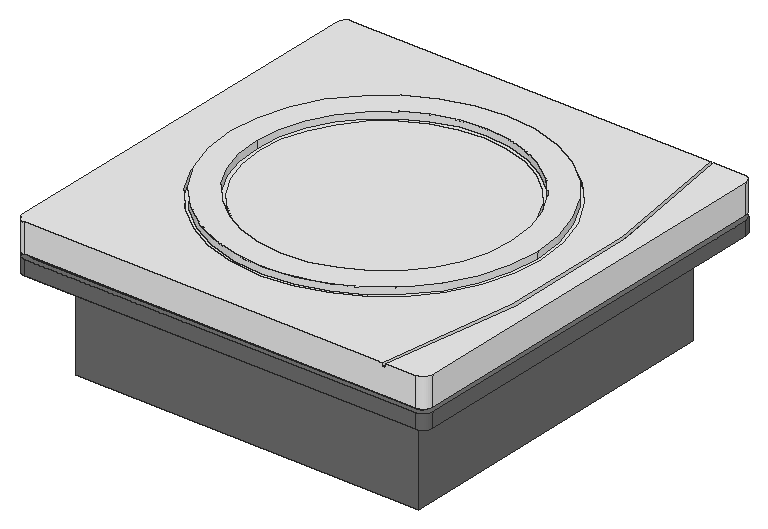
Revit family "1BasicPlus2_RFA", category Data Devices, host Face, Revit 2019
Family settings
  Host = Face
  Maintain Annotation Orientation = Yes
  Round Connector Dimension = Use Diameter
  Part Type = Normal
  Cut with Voids When Loaded = No
  Shared = No
  Room Calculation Point = No
Parameters (values of type "BasicPlus2_On-wall_WT-T_Toggle_088U0620")
  Power = if(In wall = 0.00 mm, 7 VA, 2 VA)  # 7 VA
  W_extrusion = 3.00 mm
  W_blend = 18.00 mm
  Operating Temperature Range = "Off, 5 °C to 30 °C"
  Operating Floor Temperature Range = "-"
  L_blend base = 86.00 mm
  Weight = 0.10 kg
  W4 = 6.00 mm
  RN = 2.00 mm
  Power Supply RT = "230 VAC"
  Operating Frequency = "50/60 Hz"  # constant formula
  Min Temperature Setting = "5 °C"  # constant formula
  Max Temperature Setting = "30 °C"
  Max Ambient Temperature = "60 °C"  # constant formula
  L_blend top = 72.00 mm
  ang2D_Vert [instance] = 0.00°
  ang2D_Hori [instance] = 0.00°
  ang2D [instance] = 0.00°
  LCD backlight = "-"
  L4 = 86.00 mm
  L3 = 83.80 mm
  In wall Bottom(200) = if(and(In wall = 1.00 mm, LOD 200), 1 = 1, 1 = 0)  # no
  In wall = 0.00 mm
  H1_In wall Bottom = 62.30 mm
  L2_In wall bottom = 25.00 mm  # constant formula
  Fault Indication = "-"
  Bottom_D_P(350) = if(and(In wall = 1.00 mm, Bottom 50x50 = 1.00 mm, LOD 350), 1 = 1, 1 = 0)  # no
  W2 = 24.50 mm  # constant formula
  W1 = 30.00 mm
  W3 = 6.00 mm
  W [instance] = 30.00 mm
  Voltage = 230 V  # constant formula
  URL = "https://store.danfoss.com/en/Climate-Solutions-for-heating/Hydronic-floor-heating/Room-controls/c/4212?q=%3Arelevance%3Adanfoss_producttypehierarchydesc%3ABasicPlus+%2F+BasicPlus2&page=0&pageSize=20"
  R2 = 4.00 mm
  R1 = 2.00 mm
  Power Consumption = "7 W"
  Model Type = "BasicPlus2_On-wall_WT-T_Toggle"
  Model = "088U0620,088U0621"
  Manufacturer = "Danfoss"  # constant formula
  LOD 350 = not(LOD 200)  # yes
  LOD 200 = no
  L1 = 43.00 mm
  L [instance] = 86.00 mm
  IfcExportType = "BasicPlus2"  # constant formula
  IfcExportAs = "IfcElectricApplianceType"  # constant formula
  IP Rating = "IP30"  # constant formula
  H1 = 43.00 mm
  H [instance] = 86.00 mm
  L1_In wall bottom = 46.20 mm
  Bottom 50x50 = 0.00 mm
  Description = "Main Controller and Room Thermostat"  # constant formula
  Default Elevation = 0.00 mm
  Communication Protocol = "-"
  Communication Interface = "-"
  Body Material = Danfoss Plastic White
  L_bottom plate = 72.00 mm
  Bottom_DR_PR(350) = if(and(In wall = 1.00 mm, Bottom 50x50 = 0.00 mm, LOD 350), 1 = 1, 1 = 0)  # no
Types (6, lengths in mm): name | Power | W_blend | Operating Temperature Range | Operating Floor Temperature Range | Weight | Power Supply RT | Max Temperature Setting | LCD backlight | In wall | H1_In wall Bottom | Fault Indication | Bottom_D_P(350) | W1 | W | Power Consumption | Model Type | Model | L1_In wall bottom | Bottom 50x50 | Communication Protocol | Communication Interface | Bottom_DR_PR(350)
  BasicPlus2_In-wall_WT-D_Display_088U0622 | 2 VA | 4.00 | "Off, 5 °C to 35 °C" | "Off, 20 °C to 45 °C" | 0.13 kg | "85-250 VAC" | "35 °C" | "Yes, white" | 1.00 | 50.00 | "Yes" | yes | 16.00 | 16.00 | "2 W" | "BasicPlus2_In-wall_WT-D_Display" | "088U0622,088U0623" | 50.00 | 1.00 | "-" | "-" | no
  BasicPlus2_In-wall_WT-DM_Display and RS485_088U0627 | 2 VA | 4.00 | "Off, 5 °C to 35 °C" | "Off, 20 °C to 45 °C" | 0.19 kg | "85-250 VAC" | "35 °C" | "Yes, white" | 1.00 | 50.00 | "Yes" | no | 16.00 | 16.00 | "2 W" | "BasicPlus2_In-wall_WT-DM_Display and RS485" | "088U0627" | 50.00 | 0.00 | "Modbus RTU" | "RS485" | yes
  BasicPlus2_In-wall_WT-DR_Display and Relay_088U0624 | 2 VA | 4.00 | "Off, 5 °C to 35 °C" | "Off, 20 °C to 45 °C" | 0.21 kg | "85-250 VAC" | "35 °C" | "Yes, white" | 1.00 | 62.30 | "Yes" | no | 16.00 | 16.00 | "2 W" | "BasicPlus2_In-wall_WT-DR_Display and Relay" | "088U0624" | 46.20 | 0.00 | "-" | "-" | yes
  BasicPlus2_In-wall_WT-P_Programmable_088U0625 | 2 VA | 4.00 | "Off, 5 °C to 35 °C" | "Off, 20 °C to 45 °C" | 0.13 kg | "85-250 VAC" | "35 °C" | "Yes, white" | 1.00 | 50.00 | "Yes" | yes | 16.00 | 16.00 | "2 W" | "BasicPlus2_In-wall_WT-P_Programmable" | "088U0625" | 50.00 | 1.00 | "-" | "-" | no
  BasicPlus2_In-wall_WT-PR_Programmable and Relay_088U0626 | 2 VA | 4.00 | "Off, 5 °C to 35 °C" | "Off, 20 °C to 45 °C" | 0.21 kg | "85-250 VAC" | "35 °C" | "Yes, white" | 1.00 | 62.30 | "Yes" | no | 16.00 | 16.00 | "2 W" | "BasicPlus2_In-wall_WT-PR_Programmable and Relay" | "088U0626" | 46.20 | 0.00 | "-" | "-" | yes
  BasicPlus2_On-wall_WT-T_Toggle_088U0620 | 7 VA | 18.00 | "Off, 5 °C to 30 °C" | "-" | 0.10 kg | "230 VAC" | "30 °C" | "-" | 0.00 | 62.30 | "-" | no | 30.00 | 30.00 | "7 W" | "BasicPlus2_On-wall_WT-T_Toggle" | "088U0620,088U0621" | 46.20 | 0.00 | "-" | "-" | no
Reference planes
  plane 1 "Center (Front/Back)": y = 0
  plane 2 "XYPLANE": z = 0
  plane 3 "Center (Left/Right)": x = 0
  plane 4 "61": x = 21.5
  plane 5 "60": x = -21.5
  plane 6 "59": x = 15.5
  plane 7 "58": x = -15.5
  plane 8 "57": y = 15
  plane 9 "56": y = -25
  plane 10 "55": y = 25
  plane 11 "35": x = -36
  plane 12 "34": x = 36
  plane 13 "33": y = -41
  plane 14 "32": y = 41
  plane 15 "31": y = -42
  plane 16 "30": y = 42
  plane 17 "29": x = 42
  plane 18 "28": x = -36.5
  plane 19 "26": z = 24
  plane 20 "11": x = 43
  plane 21 "10": x = -43
  plane 22 "9": y = -43
  plane 23 "8": y = 43
  plane 24 "7": z = 30
  plane 25 "5": z = 0
  plane 26 "4": x = 0
  plane 27 "3": y = 0
  plane 28: z = -24.5
  plane 29 "62": y = -15
  plane 30 "L4_2": x = 41.9
  plane 31 "L4": x = -41.9
  plane 32: y = 41.9
  plane 33: y = -41.9
  plane 34: z = 20
  plane 35: z = 29.3
  plane 36: x = 34.73
  plane 37: x = 34.03
Forms (mm)
  Extrusion 1, solid, material "Danfoss Plastic Dark Gray", visible <- "Bottom_D_P(350)", detail levels fine
    sketch origin (-750, 0, -3) x (1, 0, 0) y (0, 1, 0)
      loop
        line (725, 15) -> (725, -15) -> (734.5, -25) -> (765.5, -25) -> (775, -15) -> (775, 15) -> (765.5, 25) -> (734.5, 25) -> (725, 15)
    from 3 to -21.5
  Extrusion 2, solid, material "Danfoss Plastic White" <- "Body Material", visible <- "LOD 350", detail levels fine
    sketch origin (-750, 0, 30) x (1, 0, 0) y (0, 1, 0)
      loop
        arc (791, -43) -> (792.414, -42.414) -> (793, -41) r 2
        line (793, -41) -> (793, 41)
        arc (793, 41) -> (792.414, 42.414) -> (791, 43) r 2
        line (791, 43) -> (709, 43)
        arc (709, 43) -> (707.586, 42.414) -> (707, 41) r 2
        line (707, 41) -> (707, -41)
        arc (707, -41) -> (707.586, -42.414) -> (709, -43) r 2
        line (709, -43) -> (791, -43)
      loop
        circle (750, 0) r 32.955
      loop
        circle (750, 0) r 26
    from 0 to -6
  Extrusion 3, solid, material "Danfoss Plastic White" <- "Body Material", visible <- "LOD 350", detail levels fine
    sketch origin (-750, 0, 0) x (1, 0, 0) y (0, 1, 0)
      loop
        circle (750, 0) r 32.955
    from 29.3 to 24
  Extrusion 4, solid, material "Danfoss Plastic Dark Gray", visible <- "In wall Bottom(200)", detail levels fine
    sketch origin (-750, 0, -3) x (1, 0, 0) y (0, 1, 0)
      loop
        line (726.9, 31.15) -> (726.9, -31.15) -> (773.1, -31.15) -> (773.1, 31.15) -> (726.9, 31.15)
    from 3 to -21.5
  Extrusion 5, solid, material "Danfoss Plastic White" <- "Body Material", visible <- "LOD 200", detail levels fine
    sketch origin (-750, 0, 30) x (1, 0, 0) y (0, 1, 0)
      loop
        line (707, 43) -> (707, -43) -> (793, -43) -> (793, 43) -> (707, 43)
    from 0 to -6
  Extrusion 6, solid, material "Danfoss Plastic White" <- "Body Material", detail levels coarse+medium
    sketch origin (-750, 0, -3) x (1, 0, 0) y (0, 1, 0)
      loop
        line (707, 43) -> (707, -43) -> (793, -43) -> (793, 43) -> (707, 43)
    from 3 to 33
  Extrusion 7, solid, material "Danfoss Plastic White" <- "Body Material", visible <- "LOD 350", detail levels fine
    sketch origin (0, 0, 0) x (1, 0, 0) y (0, 1, 0)
      loop
        circle (0, 0) r 32.2
      loop
        circle (0, 0) r 26.805
    from 30 to 31.378
  Blend 8, solid, material "Danfoss Plastic Dark Gray", visible <- "LOD 350", detail levels fine
    base sketch origin (0, 0, 0) x (1, 0, 0) y (0, 1, 0)
      loop
        arc (41, -43) -> (42.414, -42.414) -> (43, -41) r 2
        line (43, -41) -> (43, 41)
        arc (43, 41) -> (42.414, 42.414) -> (41, 43) r 2
        line (41, 43) -> (-41, 43)
        arc (-41, 43) -> (-42.414, 42.414) -> (-43, 41) r 2
        line (-43, 41) -> (-43, -41)
        arc (-43, -41) -> (-42.414, -42.414) -> (-41, -43) r 2
        line (-41, -43) -> (41, -43)
    top sketch origin (0, 0, 0) x (1, 0, 0) y (0, 1, 0)
      loop
        arc (34, -36) -> (35.414, -35.414) -> (36, -34) r 2
        line (36, -34) -> (36, 34)
        arc (36, 34) -> (35.414, 35.414) -> (34, 36) r 2
        line (34, 36) -> (-34, 36)
        arc (-34, 36) -> (-35.414, 35.414) -> (-36, 34) r 2
        line (-36, 34) -> (-36, -34)
        arc (-36, -34) -> (-35.414, -35.414) -> (-34, -36) r 2
        line (-34, -36) -> (34, -36)
    from 20 to 18
  Extrusion 9, solid, material "Danfoss Plastic Dark Gray", visible <- "LOD 200", detail levels fine
    sketch origin (0, 0, 0) x (1, 0, 0) y (0, 1, 0)
      loop
        line (-43, 43) -> (-43, -43) -> (43, -43) -> (43, 43) -> (-43, 43)
    from 0 to 24
  Extrusion 10, solid, material "Danfoss Plastic Dark Gray", visible <- "LOD 350", detail levels fine
    sketch origin (0, 0, 0) x (1, 0, 0) y (0, 1, 0)
      loop
        arc (39.9, -41.9) -> (41.314, -41.314) -> (41.9, -39.9) r 2
        line (41.9, -39.9) -> (41.9, 39.9)
        arc (41.9, 39.9) -> (41.314, 41.314) -> (39.9, 41.9) r 2
        line (39.9, 41.9) -> (-39.9, 41.9)
        arc (-39.9, 41.9) -> (-41.314, 41.314) -> (-41.9, 39.9) r 2
        line (-41.9, 39.9) -> (-41.9, -39.9)
        arc (-41.9, -39.9) -> (-41.314, -41.314) -> (-39.9, -41.9) r 2
        line (-39.9, -41.9) -> (39.9, -41.9)
    from 23 to 24
  Extrusion 11, solid, material "Danfoss Plastic Dark Gray", visible <- "LOD 350", detail levels fine
    sketch origin (0, 0, 0) x (1, 0, 0) y (0, 1, 0)
      loop
        arc (41, -43) -> (42.414, -42.414) -> (43, -41) r 2
        line (43, -41) -> (43, 41)
        arc (43, 41) -> (42.414, 42.414) -> (41, 43) r 2
        line (41, 43) -> (-41, 43)
        arc (-41, 43) -> (-42.414, 42.414) -> (-43, 41) r 2
        line (-43, 41) -> (-43, -41)
        arc (-43, -41) -> (-42.414, -42.414) -> (-41, -43) r 2
        line (-41, -43) -> (41, -43)
    from 20 to 23
  Extrusion 12, solid, material "Danfoss Plastic Dark Gray", visible <- "LOD 350", detail levels fine
    sketch origin (0, 0, 0) x (1, 0, 0) y (0, 1, 0)
      loop
        line (-36, 36) -> (-36, -36) -> (36, -36) -> (36, 36) -> (-36, 36)
    from 0 to 18 <- "W_blend"
  Extrusion 13, void
    sketch origin (0, 0, 0) x (0, -1, 0) y (0, 0, 1)
      loop
        line (19, -6.5) -> (19, -19.5) -> (7.773, -19.5) -> (7.773, -32.944) -> (60, -32.944) -> (60, 0) -> (25, 0) -> (25, -6.5) -> (19, -6.5)
    from -55.439 to 50.414
  Extrusion 14, void
    sketch origin (0, 0, 0) x (1, 0, 0) y (0, 1, 0)
      loop
        arc (34.03, -45.759) -> (39.927, 0.719) -> (33.66, 47.149) r 180.447
        line (33.66, 47.149) -> (33.66, 44.552)
        arc (33.66, 44.552) -> (38.997, -1.083) -> (33.136, -46.653) r 188.509
        line (33.136, -46.653) -> (34.03, -45.759)
    from 29.3 to 75.724
  Extrusion 15, solid, material "Danfoss Plastic Dark Gray", visible <- "Bottom_DR_PR(350)", detail levels fine
    sketch origin (0, 0, 0) x (1, 0, 0) y (0, 1, 0)
      loop
        line (-23.1, 31.15) -> (-23.1, -31.15) -> (23.1, -31.15) -> (23.1, 31.15) -> (-23.1, 31.15)
    from -24.5 to 0
Cuts and joins
  Extrusion 13 cuts Extrusion 1
  Extrusion 14 cuts Extrusion 2
Lines and regions (mm)
  reference lines
    curve 1: line (0, 0, 0) -> (1120, 0, 0)
    curve 2: line (0, 0, 0) -> (0, -507.9, 0)
    curve 3: line (0, 0, 0) -> (0, -1015.215, 0)
    curve 4: circle (0, 0, 30) r 1 normal (0, 0, -1)
    curve 5: circle (0, 0, -3) r 1 normal (0, 0, -1)
    curve 6: circle (0, 0, 30) r 1 normal (0, 0, -1)
Dimensions and locks
  locked: plane 10 "55" to plane 8 "57" at 10
  locked: plane 15 "31" to plane 13 "33" at 1
  locked: plane 16 "30" to plane 14 "32" at 1
  locked: plane 22 "9" to plane 15 "31" at 1
  locked: plane 23 "8" to plane 16 "30" at 1
  locked: plane 20 "11" to plane 17 "29" at 1
  "L1": plane 3 "Center (Left/Right)" to plane 20 "11"
  "L1": plane 3 "Center (Left/Right)" to plane 21 "10"
  "H1": plane 1 "Center (Front/Back)" to plane 22 "9"
  "H1": plane 1 "Center (Front/Back)" to plane 23 "8"
  locked: plane 2 "XYPLANE" to plane 25 "5" at 0
  locked: plane 3 "Center (Left/Right)" to plane 26 "4"
  locked: plane 1 "Center (Front/Back)" to plane 27 "3"
  Extrusion 1 sketch curve to Extrusion 1 sketch curve = 0.00 mm  (x4)
  Extrusion 2 sketch curve to Extrusion 2 sketch curve = 0.00 mm  (x16)
  plane 22 "9" to plane 23 "8" = 86.00 mm
  "W1": plane 24 "7" to level
  "W2": level to plane 28
  "L2_In wall bottom": plane 10 "55" to plane 27 "3"
  "L2_In wall bottom": plane 27 "3" to plane 9 "56"
  plane 18 "28" to plane 11 "35" = 0.50 mm
  "L_blend top": plane 11 "35" to plane 12 "34"
  equal spacing: plane 11 "35", plane 3 "Center (Left/Right)", plane 12 "34"
  Blend 8 sketch curve to Blend 8 sketch curve = 0.00 mm  (x28)
  "L_blend base": Blend 8 sketch curve to Blend 8 sketch curve  (x2)
  equal spacing: Blend 8 sketch curve, plane 3 "Center (Left/Right)", Blend 8 sketch curve  (x2)
  equal spacing: Blend 8 sketch curve, plane 1 "Center (Front/Back)", Blend 8 sketch curve  (x2)
  "L_blend top": Blend 8 sketch curve to Blend 8 sketch curve  (x2)
  "W_blend": Blend 8 to level
  "W3": plane 24 "7" to plane 19 "26"
  "W4": plane 24 "7" to Extrusion 2
  Extrusion 10 sketch curve to Extrusion 10 sketch curve = 0.00 mm  (x16)
  "W": plane 24 "7" to level
  equal spacing: Extrusion 5 sketch curve, plane 1 "Center (Front/Back)", Extrusion 5 sketch curve
  "L4": Extrusion 5 sketch curve to Extrusion 5 sketch curve  (x2)
  equal spacing: Extrusion 5 sketch curve, plane 3 "Center (Left/Right)", Extrusion 5 sketch curve
  "L4": Extrusion 9 sketch curve to Extrusion 9 sketch curve  (x2)
  equal spacing: Extrusion 9 sketch curve, plane 3 "Center (Left/Right)", Extrusion 9 sketch curve
  equal spacing: Extrusion 9 sketch curve, plane 1 "Center (Front/Back)", Extrusion 9 sketch curve
  Extrusion 5 to Extrusion 5 = 86.00 mm  (x2)
  "L3": plane 31 "L4" to plane 30 "L4_2"
  equal spacing: plane 31 "L4", plane 3 "Center (Left/Right)", plane 30 "L4_2"
  "L3": plane 32 to plane 33
  equal spacing: plane 32, plane 1 "Center (Front/Back)", plane 33
  "W4": plane 24 "7" to Extrusion 5
  locked: plane 19 "26" to Extrusion 10 at 1
  Extrusion 11 sketch curve to Extrusion 11 sketch curve = 0.00 mm  (x16)
  locked: plane 19 "26" to plane 34 at 4
  "L_bottom plate": Extrusion 12 sketch curve to Extrusion 12 sketch curve  (x2)
  equal spacing: Extrusion 12 sketch curve, plane 3 "Center (Left/Right)", Extrusion 12 sketch curve
  equal spacing: Extrusion 12 sketch curve, plane 1 "Center (Front/Back)", Extrusion 12 sketch curve
  level to Extrusion 13 sketch curve to Extrusion 13 sketch curve to Extrusion 13 sketch curve = 6.50 mm, 13.00 mm, 13.444 mm
  locked: Extrusion 7 to plane 24 "7" at 1.378
  Extrusion 1 sketch curve to plane 3 "Center (Left/Right)" = 25.00 mm
  plane 3 "Center (Left/Right)" to Extrusion 1 sketch curve = 25.00 mm
  "L1_In wall bottom": Extrusion 15 sketch curve to Extrusion 15 sketch curve
  equal spacing: Extrusion 15 sketch curve, plane 3 "Center (Left/Right)", Extrusion 15 sketch curve
  "H1_In wall Bottom": Extrusion 15 sketch curve to Extrusion 15 sketch curve
  equal spacing: Extrusion 15 sketch curve, plane 1 "Center (Front/Back)", Extrusion 15 sketch curve
  "H1_In wall Bottom": Extrusion 4 sketch curve to Extrusion 4 sketch curve
  equal spacing: Extrusion 4 sketch curve, plane 1 "Center (Front/Back)", Extrusion 4 sketch curve
  equal spacing: Extrusion 4 sketch curve, plane 3 "Center (Left/Right)", Extrusion 4 sketch curve
  "L1_In wall bottom": Extrusion 4 sketch curve to Extrusion 4 sketch curve
  locked: plane 24 "7" to plane 35 at 0.7
  "L4": Extrusion 6 sketch curve to Extrusion 6 sketch curve  (x2)
  equal spacing: Extrusion 6 sketch curve, plane 1 "Center (Front/Back)", Extrusion 6 sketch curve
  equal spacing: Extrusion 6 sketch curve, plane 3 "Center (Left/Right)", Extrusion 6 sketch curve
  "L": cut or joined group of Extrusion 2, Extrusion 14 to cut or joined group of Extrusion 2, Extrusion 14
  "H": cut or joined group of Extrusion 2, Extrusion 14 to cut or joined group of Extrusion 2, Extrusion 14
  "R1": radius of Extrusion 2 sketch curve  (x4)
  "RN": radius of Blend 8 sketch curve  (x8)
  "R1": radius of Extrusion 10 sketch curve  (x4)
  "R1": radius of Extrusion 11 sketch curve  (x4)
  radius of Extrusion 2 sketch curve = 32.955 mm
  radius of Extrusion 3 sketch curve = 32.955 mm
  radius of Extrusion 7 sketch curve = 26.805 mm
  radius of Extrusion 2 sketch curve = 26.00 mm
  radius of Extrusion 14 sketch curve = 180.447 mm
  radius of Extrusion 14 sketch curve = 188.509 mm
  "ang2D_Hori": angle plane 1 "Center (Front/Back)" to curve 1
  "ang2D_Vert": angle curve 2 to curve 3
  aligned and locked: plane 2 "XYPLANE" to host face
  aligned and locked: level to host face
  aligned and locked: plane 1 "Center (Front/Back)" to curve 1
  aligned and locked: plane 3 "Center (Left/Right)" to curve 1
  aligned and locked: plane 26 "4" to curve 4
  aligned and locked: plane 27 "3" to curve 4
  aligned and locked: plane 7 "58" to Extrusion 1 sketch curve  (x2)
  aligned and locked: plane 10 "55" to Extrusion 1 sketch curve  (x2)
  aligned and locked: plane 26 "4" to curve 5
  aligned and locked: plane 27 "3" to curve 5
  aligned and locked: plane 26 "4" to curve 6
  aligned and locked: plane 27 "3" to curve 6
  aligned and locked: plane 20 "11" to Extrusion 2 sketch curve
  aligned and locked: plane 23 "8" to Extrusion 2 sketch curve
  aligned and locked: Extrusion 2 sketch curve to plane 21 "10"
  aligned and locked: Extrusion 2 sketch curve to plane 22 "9"
  aligned and locked: Extrusion 1 to plane 28
  aligned and locked: level to Extrusion 4
  aligned and locked: Extrusion 4 to plane 28
  aligned and locked: plane 24 "7" to Extrusion 6
  aligned and locked: Extrusion 6 to level
  aligned and locked: Extrusion 9 to level
  aligned and locked: plane 19 "26" to Extrusion 9
  aligned and locked: Extrusion 10 to Extrusion 2
  aligned and locked: level to Extrusion 1
  aligned and locked: Extrusion 10 sketch curve to plane 33
  aligned and locked: plane 32 to Extrusion 10 sketch curve
  aligned and locked: Extrusion 10 sketch curve to plane 30 "L4_2"
  aligned and locked: Extrusion 11 sketch curve to plane 21 "10"
  aligned and locked: plane 23 "8" to Extrusion 11 sketch curve
  aligned and locked: plane 20 "11" to Extrusion 11 sketch curve
  aligned and locked: Extrusion 11 sketch curve to plane 22 "9"
  aligned and locked: Extrusion 11 to plane 34
  aligned and locked: Extrusion 11 to Extrusion 10
  aligned and locked: plane 34 to Blend 8
  aligned and locked: Extrusion 12 to level
  aligned and locked: Extrusion 13 sketch curve to level
  aligned and locked: plane 1 "Center (Front/Back)" to Extrusion 2 sketch curve
  aligned and locked: plane 3 "Center (Left/Right)" to Extrusion 2 sketch curve
  aligned and locked: Extrusion 3 to plane 19 "26"
  aligned and locked: plane 35 to Extrusion 3
  aligned and locked: Extrusion 7 to plane 24 "7"
  aligned and locked: Extrusion 14 to plane 35
  aligned and locked: plane 29 "62" to Extrusion 1 sketch curve  (x2)
  aligned and locked: plane 8 "57" to Extrusion 1 sketch curve
  aligned and locked: plane 6 "59" to Extrusion 1 sketch curve
  aligned and locked: Extrusion 15 to plane 28
  aligned and locked: level to Extrusion 15
Automatic sketch dimensions
  host sketch curve to host sketch curve = 1600.00 mm  (x2)
  curve 2 to Extrusion 13 sketch curve = 7.773 mm
  Extrusion 13 sketch curve to Extrusion 13 sketch curve = 11.227 mm
  Extrusion 13 sketch curve to Extrusion 13 sketch curve = 6.00 mm
  Extrusion 13 sketch curve to Extrusion 13 sketch curve = 35.00 mm
  plane 1 "Center (Front/Back)" to Extrusion 3 sketch curve = 0.00 mm
  Extrusion 3 sketch curve to plane 3 "Center (Left/Right)" = 0.00 mm
  Extrusion 7 sketch curve to Extrusion 7 sketch curve = 0.00 mm  (x2)
  plane 1 "Center (Front/Back)" to Extrusion 7 sketch curve = 0.00 mm
  Extrusion 7 sketch curve to plane 3 "Center (Left/Right)" = 0.00 mm
  plane 1 "Center (Front/Back)" to Extrusion 14 sketch curve = 0.00 mm  (x2)
  Extrusion 14 sketch curve to plane 37 = 0.00 mm
  Extrusion 14 sketch curve to plane 37 = 0.37 mm
  plane 23 "8" to Extrusion 14 sketch curve = 1.552 mm
  Extrusion 14 sketch curve to Extrusion 14 sketch curve = 2.598 mm
  Extrusion 14 sketch curve to plane 37 = 0.894 mm
  Extrusion 1 sketch curve to plane 6 "59" = 0.00 mm
  Extrusion 1 sketch curve to plane 29 "62" = 0.00 mm
  Extrusion 1 sketch curve to plane 9 "56" = 0.00 mm
  Extrusion 1 sketch curve to plane 8 "57" = 0.00 mm
  curve 2 to plane 22 "9" = 464.90 mm
  curve 3 to curve 2 = 0.00 mm  (x2)
  Extrusion 2 sketch curve to Extrusion 2 sketch curve = 0.00 mm  (x2)
  Extrusion 10 sketch curve to plane 31 "L4" = 0.00 mm
  radius of curve 4 = 1.00 mm
  radius of curve 5 = 1.00 mm
  radius of curve 6 = 1.00 mm
  radius of Extrusion 7 sketch curve = 32.20 mm
Connectors
  electrical at (0, 0, 0), driven by "Voltage", driven by "Power"
    settings: index 1, voltage 230 V, apparent load 0 VA, apparent load phase1 7 VA, apparent load phase2 0 VA, apparent load phase3 0 VA, power factor 0.95, load classification "HVAC", number of poles 1, system type 31, power factor state 1, is connector primary yes, connector utility no, sub classification motor no, connector description ""
